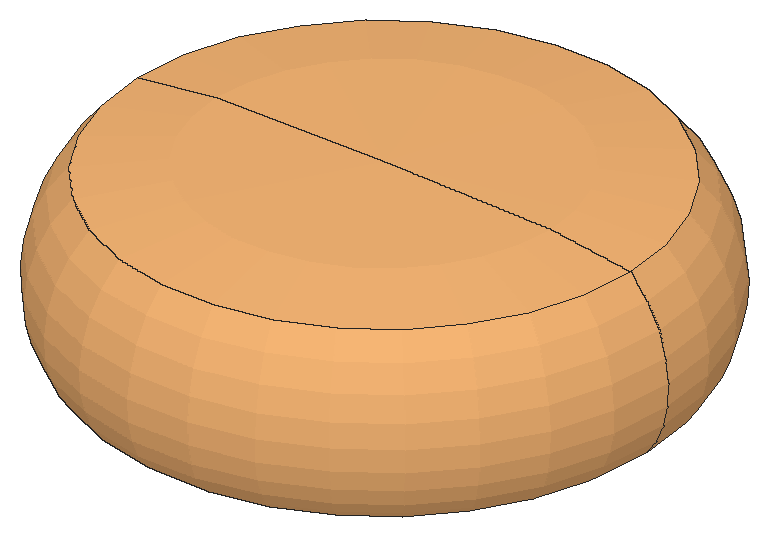
Revit family "Pix - 3012", category Arredi, Revit 2014
Parameters
  URL = "http://www.arper.com"
  Produttore = "ARPER s.p.a."  # constant formula
  Modello = "Pix 95"  # constant formula
  Descrizione = "Two seat low ottoman. Upholstery in leather, faux leather, fabric or\r\ncustomer's own material. 95 cm diameter and 32 cm height."
  Copyright [instance] = "ARPER s.p.a."  # constant formula
  Arper - Glides material [instance] = Arper - generic glides
  Arper - Cover material [instance] = Arper - generic texture
  Arper - Article code [instance] = "art.3012"  # constant formula
Reference planes
  plane 1 "Centro (Fronte/Retro)": y = 0
  plane 2: z = 0
  plane 3 "Centro (Sinistra/Destra)": x = 0
Forms (mm)
  Revolve 1, solid, material "Arper - generic texture" <- "Arper - Cover material"
    sketch origin (0, 0, 0) x (1, 0, 0) y (0, 0, 1)
      loop
        line (0, 319.806) -> (0, 20.051) -> (401.627, 20.051)
        spline (401.627, 20.051) -> (418.145, 24.144) -> (433.49, 34.16) -> (447.159, 49.371) -> (458.65, 69.048) -> (467.461, 92.463) -> (473.09, 118.886) -> (475.034, 147.589) -> (472.792, 177.843) -> (465.86, 208.919) -> (453.738, 240.089) -> (435.922, 270.624) -> (411.91, 299.795)
        spline (411.91, 299.795) -> (399.91, 303.924) -> (383.875, 307.452) -> (363.797, 310.424) -> (339.669, 312.886) -> (311.485, 314.886) -> (279.237, 316.469) -> (242.918, 317.681) -> (202.52, 318.569) -> (158.036, 319.18) -> (109.46, 319.558) -> (56.784, 319.752) -> (0, 319.806)
      axis (0, 319.806) -> (0, 20.051)
    angle from 0 to 360
  Extrusion 2, solid, material "Arper - generic glides" <- "Arper - Glides material"
    sketch origin (120.288, -56.932, 0) x (1, 0, 0) y (0, 1, 0)
      loop
        circle (159.816, 56.932) r 20
    from 0 to 25
  Extrusion 3, solid, material "Arper - generic glides" <- "Arper - Glides material"
    sketch origin (-439.92, -56.932, 0) x (1, 0, 0) y (0, 1, 0)
      loop
        circle (159.816, 56.932) r 20
    from 0 to 25
  Extrusion 4, solid, material "Arper - generic glides" <- "Arper - Glides material"
    sketch origin (56.932, 120.288, 0) x (0, 1, 0) y (-1, 0, 0)
      loop
        circle (159.816, 56.932) r 20
    from 0 to 25
  Extrusion 5, solid, material "Arper - generic glides" <- "Arper - Glides material"
    sketch origin (56.932, -439.92, 0) x (0, 1, 0) y (-1, 0, 0)
      loop
        circle (159.816, 56.932) r 20
    from 0 to 25
Dimensions and locks
  aligned and locked: level to plane 2
